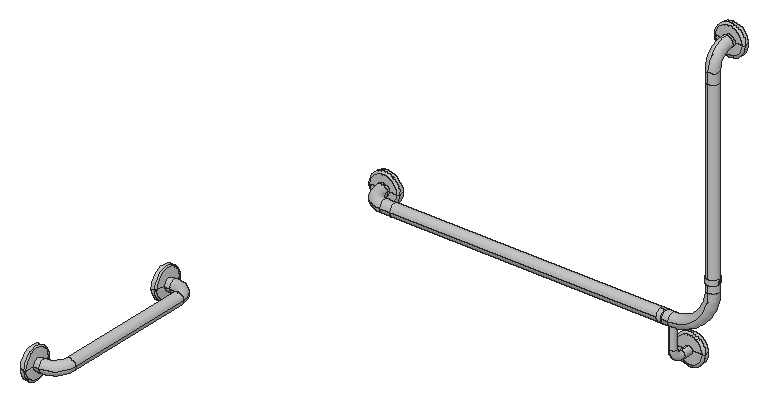
Revit family "RBA4901-345", category Plumbing Fixtures, Revit 2021
Family settings
  Round Connector Dimension = Use Diameter
  Part Type = Normal
  Work Plane-Based = No
  Always vertical = No
  Cut with Voids When Loaded = No
  Shared = No
  Room Calculation Point = No
Parameters
  Watermarked By = "www.rba.com.au"
  URL = "rba.com.au/product-category/accessible-disabled/grab-rails/"
  Phone Number = "1300 788 778"
  OFFSET = 800.00 mm
  Model = "RBA4901-345"
  Materials and Finishes = Stainless Steel Satin Finish
  Manufacturer Model = ""
  Manufacturer = "RBA Group"
  Distance Away from Wall [instance] = 100.00 mm
  Distance Away from Toilet [instance] = 1090.00 mm
  Description = "Steri+Shield™ LH Accessible Rail + 450mm Straight Kit | Satin Finish"
  Default Elevation = 0.00 mm
  Copyrighted by = "RBA Group"  # constant formula
  Assembly Code = ""
Reference planes
  plane 1 "Center (Front/Back)": y = 0
  plane 2: z = 0
  plane 3: x = 40.5
  plane 4: z = 800
  plane 5: z = 1500
  plane 6: x = -59.5
  plane 7: z = 700
  plane 8: x = -909.5
  plane 9: x = -1009.5
  plane 10: y = -54
  plane 11: y = -86
  plane 12: y = -1090
  plane 13: y = -1074
  plane 14: x = -954.5
  plane 15: x = -922.5
  plane 16: z = 816
  plane 17: x = 24.5
Dimensions and locks
  "OFFSET": plane 4 to plane 2
  plane 10 to plane 1 "Center (Front/Back)" = 54.00 mm
  plane 1 "Center (Front/Back)" to plane 11 = 86.00 mm
  "Distance Away from Wall": plane 9 to plane 8
  locked: plane 13 to plane 12 at 16
  "Distance Away from Toilet": plane 1 "Center (Front/Back)" to plane 12
Nested families
  nested 1: "RBA4901-901" at (-933, 0, 800), type "RBA4901-901"
  nested 2: "RBA4901-Straight-Series" at (-1009.5, -1074, 800) x (0, 1, 0) z (0, 0, 1), type "RBA4901-045"
Definition of nested family "RBA4901-901"
  Parameters (values of type "RBA4901-901")
    Watermarked By = "www.rba.com.au"
    URL = "www.rba.com.au"
    R_Void [instance] = 15.00 mm
    R [instance] = 0.00 mm
    Phone Number = ""
    Modified Issue = ""
    Model = "RBA4901-901"
    Materials and Finishes = none
    Manufacturer Model = "B819436"
    Manufacturer = "RBA Group"
    Description = "Steri+Shield™ Accessible 90° Grab Rail, LH, Satin"
    Default Elevation = 0.00 mm
    Copyrighted by = "RBA Group"  # constant formula
    Assembly Code = ""
  Reference planes
    plane 1 "Center (Front/Back)": y = 0
    plane 2: z = 0
    plane 3: x = 40.5
    plane 4: z = -30
    plane 5: z = 30
    plane 6: x = 70.5
    plane 7: x = 10.5
    plane 8: x = 990.5
    plane 9: x = 515.5
    plane 10: z = 670
    plane 11: z = 730
    plane 12: x = 960.5
    plane 13: x = 1020.5
    plane 14: z = 700
    plane 15: z = -130
    plane 16: z = -70
    plane 17: x = 910.5
    plane 18: x = 850.5
    plane 19: x = 835.5
    plane 20: z = -100
    plane 21: x = 974.5
    plane 22: z = 16
    plane 23: y = -70
    plane 24: y = -86
    plane 25: y = -54
    plane 26: y = -79.5
    plane 27: y = -60.5
  Forms (mm)
    Extrusion 1, solid
      sketch origin (40.5, -2.628, 315.907) x (0, 0, -1) y (-1, 0, 0)
        loop
          circle (315.907, 0) r 40
      from -0.219 to 2.628
    Revolve 2, solid
      sketch origin (40.5, 18.663, 0) x (0, -1, 0) y (1, 0, 0)
        loop
          line (18.663, 0) -> (18.663, -41.5) -> (27.844, -41.5)
          arc (27.844, -41.5) -> (31.337, -40.077) -> (32.842, -36.617) r 5
          line (32.842, -36.617) -> (33.701, 0) -> (18.663, 0)
        axis (18.663, 0) -> (33.701, 0)
      angle from 0 to 360
    Extrusion 3, void
      sketch origin (40.5, 34.941, 315.907) x (0, 0, -1) y (-1, 0, 0)
        loop
          circle (315.907, -30) r 5
        loop
          circle (315.907, 30) r 5
      from -37.788 to -30
    Sweep 4, solid
      path origin (40.5, 12.454, 0) x (0, -1, 0) y (-1, 0, 0)
        loop
          line (12.454, 0) -> (34.454, 0)
          arc (34.454, 0) -> (68.395, -14.059) -> (82.454, -48) r 48
          line (82.454, -48) -> (82.454, -76)
      profile origin (40.5, -11, 0) x (1, 0, 0) y (0, 0, 1)
        loop
          circle (0, 0) r 16
    Extrusion 5, solid
      sketch origin (990.5, -2.628, 1015.907) x (0, 0, -1) y (-1, 0, 0)
        loop
          circle (315.907, 0) r 40
      from -0.219 to 2.628
    Extrusion 6, void
      sketch origin (990.5, 34.941, 1015.907) x (0, 0, -1) y (-1, 0, 0)
        loop
          circle (315.907, 30) r 5
        loop
          circle (315.907, -30) r 5
      from -37.788 to -30
    Sweep 7, solid
      path origin (1690.5, 12.454, 700) x (0, -1, 0) y (0, 0, 1)
        loop
          line (12.454, 0) -> (34.454, 0)
          arc (34.454, 0) -> (68.395, -14.059) -> (82.454, -48) r 48
          line (82.454, -48) -> (82.454, -76)
      profile origin (1690.5, -11, 700) x (0, 0, 1) y (-1, 0, 0)
        loop
          circle (0, 700) r 16
    Revolve 8, solid
      sketch origin (990.5, 18.663, 700) x (0, -1, 0) y (1, 0, 0)
        loop
          line (18.663, 0) -> (33.701, 0) -> (32.842, 36.617)
          arc (32.842, 36.617) -> (31.337, 40.077) -> (27.844, 41.5) r 5
          line (27.844, 41.5) -> (18.663, 41.5) -> (18.663, 0)
        axis (18.663, 0) -> (33.701, 0)
      angle from 0 to 360
    Sweep 9, solid
      path origin (0, 0, 0) x (1, 0, 0) y (0, 0, 1)
        loop
          line (116.5, 0) -> (880.5, 0)
          arc (880.5, 0) -> (958.282, 32.218) -> (990.5, 110) r 110
          line (990.5, 110) -> (990.5, 624)
      profile origin (498.5, 0, 0) x (0, 0, 1) y (0, -1, 0)
        loop
          circle (0, 70) r 16
    Extrusion 10, solid
      sketch origin (880.5, -2.628, 215.907) x (0, 0, -1) y (-1, 0, 0)
        loop
          circle (315.907, 0) r 40
      from -0.219 to 2.628
    Revolve 11, solid
      sketch origin (880.5, 18.663, -100) x (0, -1, 0) y (1, 0, 0)
        loop
          line (18.663, 0) -> (18.663, -41.5) -> (27.844, -41.5)
          arc (27.844, -41.5) -> (31.337, -40.077) -> (32.842, -36.617) r 5
          line (32.842, -36.617) -> (33.701, 0) -> (18.663, 0)
        axis (18.663, 0) -> (33.701, 0)
      angle from 0 to 360
    Sweep 12, solid
      path origin (880.5, 12.454, -100) x (0, -1, 0) y (0, 0, -1)
        loop
          line (12.454, 0) -> (54.454, 0)
          arc (54.454, 0) -> (74.253, -8.201) -> (82.454, -28) r 28
          line (82.454, -28) -> (82.454, -100)
      profile origin (880.5, -21, -100) x (0, 0, -1) y (1, 0, 0)
        loop
          circle (0, 0) r 9.5
    Extrusion 13, void
      sketch origin (880.5, 34.941, 215.907) x (0, 0, -1) y (-1, 0, 0)
        loop
          circle (315.907, -30) r 5
        loop
          circle (315.907, 30) r 5
      from -37.788 to -30
    Extrusion 14, solid
      sketch origin (0, 0, 0) x (1, 0, 0) y (0, 1, 0)
        loop
          circle (990.5, -70) r 17
      from 142 to 130
    Extrusion 15, solid
      sketch origin (650.5, 0, 990.5) x (0, 0, -1) y (0, 1, 0)
        loop
          circle (990.5, -70) r 17
      from 210 to 198
  Cuts and joins
    Extrusion 3, Extrusion 6, Extrusion 13 cuts Extrusion 1
    Extrusion 3, Extrusion 6, Extrusion 13 cuts Revolve 2
    Extrusion 13 cuts Sweep 4
    Extrusion 6 cuts Revolve 8
    Extrusion 13 cuts Revolve 11
    joined: Revolve 2, Sweep 4, Sweep 7, Revolve 8, Sweep 9, Revolve 11, Sweep 12
    Extrusion 6 cuts Extrusion 5
    Extrusion 13 cuts Extrusion 10
  Dimensions and locks
    Revolve 2 sketch curve to Revolve 2 sketch curve = 41.50 mm
    plane 5 to level to plane 4 = 30.00 mm, 30.00 mm
    plane 7 to plane 6 = 60.00 mm
    plane 11 to plane 10 = 60.00 mm
    plane 12 to plane 13 = 60.00 mm
    Revolve 8 sketch curve to Revolve 8 sketch curve = 41.50 mm
    Revolve 11 sketch curve to Revolve 11 sketch curve = 41.50 mm
    plane 16 to plane 15 = 60.00 mm
    plane 18 to plane 17 = 60.00 mm
    level to plane 20 = 100.00 mm
    plane 14 to level = 700.00 mm
    plane 8 to plane 19 = 155.00 mm
    plane 8 to plane 3 = 950.00 mm
    radius of Extrusion 1 sketch curve = 40.00 mm
    radius of Sweep 4 sketch curve = 16.00 mm
    radius of Extrusion 5 sketch curve = 40.00 mm
    radius of Sweep 7 sketch curve = 16.00 mm
    radius of Extrusion 10 sketch curve = 40.00 mm
    radius of Sweep 12 sketch curve = 9.50 mm
    aligned and locked: Revolve 2 to Extrusion 1
    aligned and locked: Revolve 11 to Extrusion 10
Definition of nested family "RBA4901-Straight-Series"
  Parameters (values of type "RBA4901-045")
    Watermarked By = "www.rba.com.au"
    URL = "www.rba.com.au"
    Phone Number = ""
    OFFSET [instance] = 800.00 mm
    Modified Issue = "20191004.01"
    Model = "RBA4000-045"
    Materials & Finishes = none
    Manufacturer = "RBA Group"  # constant formula
    Lgth = 450.00 mm
    Diameter = 32.00 mm
    Description = "Straight Grab Rail 450mm"
    Default Elevation = 0.00 mm
    Copyright by = "RBA Group"  # constant formula
  Types (9, lengths in mm): name | URL | Phone Number | Modified Issue | Model | Lgth | Description
    RBA4901-040 | "www.rba.com.au" | "" | "20191108.1" | "RBA4000-040" | 400.00 | "Straight Grab Rail 400mm"
    RBA4901-120 | "http://www.rba.com.au/accessible-disabled/grab-rails" | "1300 788 778" | "20191004.01" | "RBA4000-120" | 1200.00 | "Straight Grab Rail 1200mm"
    RBA4901-100 | "http://www.rba.com.au/accessible-disabled/grab-rails" | "1300 788 778" | "20191004.01" | "RBA4000-100" | 1000.00 | "Straight Grab Rail 1000mm"
    RBA4901-080 | "http://www.rba.com.au/accessible-disabled/grab-rails" | "1300 788 778" | "20191004.01" | "RBA4000-080" | 800.00 | "Straight Grab Rail 800mm"
    RBA4901-090 | "www.rba.com.au" | "" | "20191004.01" | "RBA4000-090" | 900.00 | "Straight Grab Rail 900mm"
    RBA4901-070 | "www.rba.com.au" | "" | "20191004.01" | "RBA4000-075" | 700.00 | "Straight Grab Rail 750mm"
    RBA4901-060 | "www.rba.com.au" | "" | "" | "RBA4901-Straight-Series" | 600.00 | "Steri+ShieldTM Straight Grab Rail, Satin"
    RBA4901-045 | "www.rba.com.au" | "" | "20191004.01" | "RBA4000-045" | 450.00 | "Straight Grab Rail 450mm"
    RBA4901-030 | "www.rba.com.au" | "" | "20190510.1" | "RBA4000-030" | 300.00 | "Straight Grab Rail 300mm"
  Reference planes
    plane 1 "Center (Front/Back)": y = 0
    plane 2: z = 0
    plane 3 "Center (Left/Right)": x = 0
    plane 4: x = 0
    plane 5: x = 0
    plane 6: y = -57
    plane 7: y = -89
    plane 8: x = 450
    plane 9: z = 16
    plane 10: z = -16
  Forms (mm)
    Sweep 1, solid, material <- "Materials & Finishes"
      path origin (-273.954, -750, 0) x (0, -1, 0) y (1, 0, 0)
        loop
          line (-740, 723.954) -> (-719, 723.954)
          arc (-719, 723.954) -> (-690.716, 712.239) -> (-679, 683.954) r 40
          line (-679, 683.954) -> (-679, 313.954)
          arc (-679, 313.954) -> (-690.716, 285.67) -> (-719, 273.954) r 40
          line (-719, 273.954) -> (-740, 273.954)
      profile origin (225, -71, 0) x (0, -1, 0) y (0, 0, 1)
        loop
          circle (0, 0) r 16
    Extrusion 2, solid, material <- "Materials & Finishes"
      sketch origin (62.5, -2.628, -315.907) x (0, 0, 1) y (1, 0, 0)
        loop
          circle (315.907, -62.5) r 40
      from -0.206 to 2.628
    Revolve 3, solid, material <- "Materials & Finishes"
      sketch origin (62.5, 18.663, 0) x (-1, 0, 0) y (0, -1, 0)
        loop
          line (62.5, 18.663) -> (104, 18.663) -> (104, 28.968)
          arc (104, 28.968) -> (103.207, 31.014) -> (101.243, 31.992) r 3.037
          arc (101.243, 31.992) -> (81.892, 33.334) -> (62.5, 33.781) r 420.249
          line (62.5, 33.781) -> (62.5, 18.663)
        axis (62.5, 18.663) -> (62.5, 33.781)
      angle from 0 to 360
    Extrusion 4, void
      sketch origin (62.704, 34.941, -270.785) x (-0.515038, 0, 0.857167) y (0.857167, 0, 0.515038)
        loop
          circle (248.952, 111.432) r 4.75
        loop
          circle (279.854, 60.002) r 4.75
      from -37.775 to -34.941
    Extrusion 5, solid, material <- "Materials & Finishes"
      sketch origin (237.5, -2.628, -315.907) x (0, 0, 1) y (1, 0, 0)
        loop
          circle (315.907, 212.5) r 40
      from -0.206 to 2.628
    Revolve 6, solid, material <- "Materials & Finishes"
      sketch origin (237.5, 18.663, 0) x (-1, 0, 0) y (0, -1, 0)
        loop
          line (-212.5, 18.663) -> (-212.5, 33.781)
          arc (-212.5, 33.781) -> (-231.892, 33.334) -> (-251.243, 31.992) r 420.249
          arc (-251.243, 31.992) -> (-253.207, 31.014) -> (-254, 28.968) r 3.037
          line (-254, 28.968) -> (-254, 18.663) -> (-212.5, 18.663)
        axis (-212.5, 18.663) -> (-212.5, 33.781)
      angle from 0 to 360
    Extrusion 7, void
      sketch origin (362.704, 34.941, -270.785) x (-0.515038, 0, 0.857167) y (0.857167, 0, 0.515038)
        loop
          circle (202.599, 188.577) r 4.75
        loop
          circle (171.696, 240.007) r 4.75
      from -37.775 to -34.941
  Cuts and joins
    Extrusion 7 cuts Sweep 1
    Extrusion 4, Extrusion 7 cuts Extrusion 2
    Extrusion 4, Extrusion 7 cuts Revolve 3
    Extrusion 7 cuts Extrusion 5
    Extrusion 7 cuts Revolve 6
    joined: Sweep 1, Extrusion 2, Revolve 3, Extrusion 5, Revolve 6
  Dimensions and locks
    "Lgth": plane 3 "Center (Left/Right)" to plane 8
    radius of Sweep 1 sketch curve = 16.00 mm
    aligned and locked: level to plane 2
    aligned and locked: Revolve 3 to Extrusion 2
    aligned and locked: Extrusion 2 to Extrusion 4
    aligned and locked: Revolve 6 to Extrusion 5
  Automatic sketch dimensions
    Sweep 1 sketch curve to plane 8 = 0.00 mm
    Sweep 1 sketch curve to plane 3 "Center (Left/Right)" = 0.00 mm
    plane 6 to Sweep 1 sketch curve = 26.00 mm  (x2)
    Sweep 1 sketch curve to plane 6 = 14.00 mm
    plane 1 "Center (Front/Back)" to Sweep 1 sketch curve = 10.00 mm  (x2)
    Sweep 1 sketch curve to profile plane = 0.00 mm  (x2)
    Extrusion 2 sketch curve to level = 0.00 mm
    Extrusion 2 sketch curve to plane 3 "Center (Left/Right)" = 0.00 mm
    plane 1 "Center (Front/Back)" to Revolve 3 sketch curve = 0.00 mm
    Revolve 3 sketch curve to plane 3 "Center (Left/Right)" = 0.00 mm  (x2)
    plane 1 "Center (Front/Back)" to Revolve 3 sketch curve = 10.305 mm
    Revolve 3 sketch curve to plane 3 "Center (Left/Right)" = 38.463 mm
    Revolve 3 sketch curve to Revolve 3 sketch curve = 3.037 mm
    Revolve 3 sketch curve to plane 1 "Center (Front/Back)" = 405.131 mm
    Revolve 3 sketch curve to Revolve 3 sketch curve = 15.118 mm
    Revolve 3 sketch curve to plane 1 "Center (Front/Back)" = 21.537 mm
    Revolve 3 sketch curve to Revolve 3 sketch curve = 0.00 mm
    plane 6 to Revolve 3 sketch curve = 13.537 mm
    Extrusion 5 sketch curve to level = 0.00 mm
    plane 8 to Extrusion 5 sketch curve = 0.00 mm
    plane 1 "Center (Front/Back)" to Revolve 6 sketch curve = 0.00 mm
    Revolve 6 sketch curve to plane 8 = 0.00 mm  (x2)
    plane 1 "Center (Front/Back)" to Revolve 6 sketch curve = 10.305 mm
    Revolve 6 sketch curve to plane 8 = 38.463 mm
    Revolve 6 sketch curve to Revolve 6 sketch curve = 3.037 mm
    Revolve 6 sketch curve to plane 1 "Center (Front/Back)" = 405.131 mm
    Revolve 6 sketch curve to Revolve 6 sketch curve = 15.118 mm
    Revolve 6 sketch curve to plane 1 "Center (Front/Back)" = 21.537 mm
    Revolve 6 sketch curve to Revolve 6 sketch curve = 0.00 mm
    plane 6 to Revolve 6 sketch curve = 13.537 mm
    Extrusion 7 sketch curve to level = 0.00 mm  (x2)
    Extrusion 7 sketch curve to plane 8 = 30.00 mm
    Extrusion 7 sketch curve to Extrusion 7 sketch curve = 30.902 mm
    Extrusion 4 sketch curve to level = 0.00 mm  (x2)
    plane 3 "Center (Left/Right)" to Extrusion 4 sketch curve = 30.00 mm
    Extrusion 4 sketch curve to Extrusion 4 sketch curve = 30.902 mm
    radius of Extrusion 2 sketch curve = 40.00 mm
    radius of Extrusion 5 sketch curve = 40.00 mm
    radius of Extrusion 7 sketch curve = 4.75 mm  (x2)
    radius of Extrusion 4 sketch curve = 4.75 mm  (x2)
